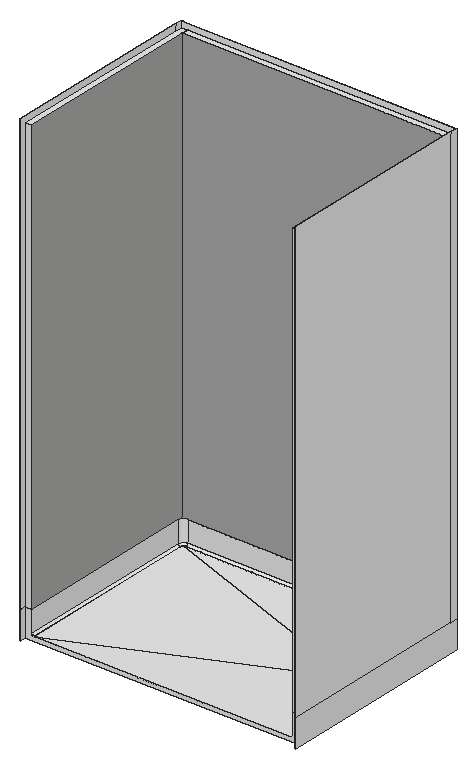
Revit family "4LBS4834FBE75T,FBE2T,FBE75B,FBE2B", category Plumbing Fixtures, Revit 2017
Family settings
  Round Connector Dimension = Use Diameter
  Part Type = Normal
  OmniClass Number = 23.45.05.14.17
  OmniClass Title = Showers
  Work Plane-Based = No
  Always vertical = Yes
  Cut with Voids When Loaded = No
  Shared = No
  Room Calculation Point = No
Parameters (values of type "4LBS4834FBE75T")
  Unit Width = 48"
  Unit Height [instance] = 81 1/4"
  Unit Depth = 35"
  URL = "http://www.bestbath.com/"
  Type Comments = "Barrier Free"
  Threshold Height = 3/4"
  Model = "4LBS4834FBE75T"
  Material [instance] = Best Bath Gelcoat Fiberglass - 4 x 8 Subway Tile
  Manufacturer = "Best Bath Systems, Inc."
  Keynote = "22 40 00.B3"
  Description = "4 x 8 Subway Tile, Traditional Bull Nose Threshold"
  Assembly Code = "D2010710"
Types (5): name | Unit Height | Threshold Height | Model | Description
  (no name) | 81 1/4" | 3/4" | "4LBS4834FBE75T" | "4 x 8 Subway Tile, Traditional Bull Nose Threshold"
  4LBS4834FBE75B | 81 1/4" | 3/4" | "4LBS4834FBE75B" | "4 x 8 Subway Tile, Beveled Threshold"
  4LBS4834FBE2B | 82 1/2" | 2" | "4LBS4834FBE2B" | "4 x 8 Subway Tile, Beveled Threshold"
  4LBS4834FBE75T | 81 1/4" | 3/4" | "4LBS4834FBE75T" | "4 x 8 Subway Tile, Traditional Bull Nose Threshold"
  4LBS4834FBE2T | 82 1/2" | 2" | "4LBS4834FBE2T" | "4 x 8 Subway Tile, Traditional Bull Nose Threshold"
Reference planes (in)
  plane 1 "Back": y = 2
  plane 2: z = 0
  plane 3 "Left": x = 0
  plane 4: x = 48
  plane 5: y = -32
  plane 6: z = 80.25
  plane 7: z = 0.75
  plane 8: z = 81.25
  plane 9: x = 42
  plane 10: y = 0.75
  plane 11: y = -13.75
  plane 12: z = 0.375
  plane 13: z = 4.75
  plane 14: y = -33
Forms (in)
  Extrusion 1, solid, material "Best Bath Smoothwall"
    sketch origin (0, 0, 0) x (1, 0, 0) y (0, 1, 0)
      loop
        line (0, 2) -> (0, -32) -> (48, -32) -> (48, 2) -> (0, 2)
      loop
        circle (42, -13.75) r 2.0625
    from 0 to 0.75
  Extrusion 2, solid, material "Best Bath Smoothwall"
    sketch origin (0, 0, 0) x (1, 0, 0) y (0, 1, 0)
      loop
        line (1.25, 2) -> (1.25, 0.75) -> (46.75, 0.75) -> (46.75, 2) -> (1.25, 2)
    from 4.75 to 80.25
  Extrusion 3, solid, material "Best Bath Smoothwall"
    sketch origin (0, 0, 0) x (1, 0, 0) y (0, 1, 0)
      loop
        line (0, -32) -> (1.25, -32) -> (1.25, -0.25)
        arc (1.25, -0.25) -> (1.54289, 0.45711) -> (2.25, 0.75) r 1
        line (2.25, 0.75) -> (45.75, 0.75)
        arc (45.75, 0.75) -> (46.45711, 0.45711) -> (46.75, -0.25) r 1
        line (46.75, -0.25) -> (46.75, -32) -> (48, -32) -> (48, 2) -> (0, 2) -> (0, -32)
    from 0 to 4.75
  Extrusion 4, solid, material "Best Bath Smoothwall"
    sketch origin (0, 0, 0) x (1, 0, 0) y (0, 1, 0)
      loop
        line (0, -32) -> (1.25, -32) -> (1.25, 1.875) -> (0.125, 1.875) -> (0.125, 0.75) -> (0, 0.75) -> (0, -32)
      loop
        line (48, -32) -> (48, 0.75) -> (47.875, 0.75) -> (47.875, 1.875) -> (46.75, 1.875) -> (46.75, -32) -> (48, -32)
    from 4.75 to 80.25
  Sweep 5, solid, material "Best Bath Smoothwall"
    path origin (0, 0, 0) x (1, 0, 0) y (0, 1, 0)
      loop
        line (1.25, -32) -> (1.25, -0.25)
        arc (1.25, -0.25) -> (1.54289, 0.45711) -> (2.25, 0.75) r 1
        line (2.25, 0.75) -> (45.75, 0.75)
        arc (45.75, 0.75) -> (46.45711, 0.45711) -> (46.75, -0.25) r 1
        line (46.75, -0.25) -> (46.75, -32)
    profile origin (1.25, -16.125, 0) x (-1, 0, 0) y (0, 0, 1)
      loop
        line (0, 0.75) -> (0, 1.125)
        arc (0, 1.125) -> (-0.10983, 0.85983) -> (-0.375, 0.75) r 0.375
        line (-0.375, 0.75) -> (0, 0.75)
  Extrusion 6, solid, material "Best Bath Smoothwall"
    sketch origin (0, 0, 0) x (1, 0, 0) y (0, 1, 0)
      loop
        line (0, -33) -> (0.125, -33) -> (0.125, 0.75) -> (0, 0.75) -> (0, -33)
      loop
        line (48, -33) -> (48, 0.75) -> (47.875, 0.75) -> (47.875, -33) -> (48, -33)
    from 4.75 to 81.25
  Extrusion 7, solid, material "Best Bath Smoothwall"
    sketch origin (0, 0, 0) x (1, 0, 0) y (0, 1, 0)
      loop
        line (0, -33) -> (0.125, -33) -> (0.125, -32) -> (0, -32) -> (0, -33)
      loop
        line (48, -32) -> (47.875, -32) -> (47.875, -33) -> (48, -33) -> (48, -32)
    from 0 to 4.75
  Extrusion 8, solid, material "Best Bath Smoothwall"
    sketch origin (0, 0, 0) x (1, 0, 0) y (0, 1, 0)
      loop
        line (0, 2) -> (0, 0.75) -> (0.125, 0.75) -> (0.125, 1.875) -> (47.875, 1.875) -> (47.875, 0.75) -> (48, 0.75) -> (48, 2) -> (0, 2)
    from 4.75 to 81.25
  Blend 9, void
    base sketch origin (0, 0, 0) x (1, 0, 0) y (0, 1, 0)
      loop
        line (1.75, 0.30003) -> (1.75, -32) -> (46.32567, -32) -> (46.32567, 0.30003) -> (1.75, 0.30003)
    top sketch origin (0, 0, 0) x (1, 0, 0) y (0, 1, 0)
      loop
        circle (42, -13.75) r 0.03297
    from 0.75 to 0.375
Cuts and joins
  Blend 9 cuts Extrusion 1
  Blend 9 cuts Extrusion 3
  Blend 9 cuts Sweep 5
  Blend 9 cuts Extrusion 7
  joined: Extrusion 1, Extrusion 3, Sweep 5, Extrusion 7
  joined: Extrusion 2, Extrusion 8
  joined: Extrusion 4, Extrusion 6
Dimensions and locks (in)
  "Unit Width": plane 3 "Left" to plane 4
  "Threshold Height": plane 7 to level
  locked: plane 8 to plane 6 at 1
  plane 3 "Left" to plane 9 to plane 4 = 42", 6"
  locked: plane 10 to plane 1 "Back" at 1.25
  locked: plane 7 to plane 12 at 0.375
  locked: plane 5 to plane 14 at 1
  "Unit Depth": plane 14 to plane 1 "Back"
  locked: plane 6 to plane 7 at 79.5
  locked: plane 13 to plane 7 at 4
  "Unit Height": plane 8 to level
  locked: plane 1 "Back" to plane 11 at 15.75
  aligned and locked: level to plane 2
  aligned and locked: Extrusion 1 to plane 7
  aligned and locked: plane 5 to Extrusion 1 sketch curve
  aligned and locked: plane 4 to Extrusion 1 sketch curve
  aligned and locked: Extrusion 2 sketch curve to Extrusion 1
  aligned and locked: Extrusion 2 sketch curve to plane 10
  aligned and locked: plane 11 to Extrusion 1 sketch curve
  aligned and locked: plane 9 to Extrusion 1 sketch curve
  aligned and locked: plane 13 to Extrusion 3
  aligned and locked: Extrusion 2 to plane 13
  aligned and locked: plane 6 to Extrusion 2
  aligned and locked: Extrusion 4 to Extrusion 2
  aligned and locked: plane 6 to Extrusion 4
  aligned and locked: Sweep 5 sketch curve to plane 7
  aligned and locked: Extrusion 6 to plane 13
  aligned and locked: plane 8 to Extrusion 6
  aligned and locked: plane 13 to Extrusion 7
  aligned and locked: plane 8 to Extrusion 8
  aligned and locked: plane 11 to Blend 9 sketch curve
  aligned and locked: plane 9 to Blend 9 sketch curve
  aligned and locked: Extrusion 1 to Blend 9
  aligned and locked: Blend 9 to plane 12
  aligned and locked: Extrusion 8 to Extrusion 2
Automatic sketch dimensions
  Extrusion 1 sketch curve to plane 3 "Left" = 0"
  plane 1 "Back" to Extrusion 1 sketch curve = 0"
  plane 1 "Back" to Extrusion 3 sketch curve = 0"
  Extrusion 3 sketch curve to plane 3 "Left" = 0"
  Extrusion 3 sketch curve to plane 5 = 0"  (x2)
  Extrusion 3 sketch curve to plane 10 = 0"
  Extrusion 3 sketch curve to plane 4 = 0"
  plane 4 to Extrusion 3 sketch curve = 1 1/4"
  Extrusion 3 sketch curve to plane 10 = 1"
  plane 3 "Left" to Extrusion 3 sketch curve = 1 1/4"
  Extrusion 3 sketch curve to Extrusion 3 sketch curve = 1"
  Sweep 5 sketch curve to plane 5 = 0"  (x2)
  Sweep 5 sketch curve to plane 10 = 0"
  plane 3 "Left" to Sweep 5 sketch curve = 1 1/4"
  Sweep 5 sketch curve to Sweep 5 sketch curve = 1"
  Sweep 5 sketch curve to plane 10 = 1"
  plane 4 to Sweep 5 sketch curve = 2 1/4"
  Sweep 5 sketch curve to profile plane = 0"
  profile plane to Sweep 5 sketch curve = 3/8"
  plane 4 to Extrusion 2 sketch curve = 1 1/4"
  plane 3 "Left" to Extrusion 2 sketch curve = 1 1/4"
  Extrusion 7 sketch curve to plane 3 "Left" = 0"
  Extrusion 7 sketch curve to plane 5 = 0"  (x2)
  Extrusion 7 sketch curve to plane 14 = 0"  (x2)
  Extrusion 7 sketch curve to plane 4 = 0"
  plane 3 "Left" to Extrusion 7 sketch curve = 1/8"
  Extrusion 7 sketch curve to Extrusion 7 sketch curve = 1/8"
  Blend 9 sketch curve to plane 5 = 0"
  plane 3 "Left" to Blend 9 sketch curve = 1 3/4"
  plane 4 to Blend 9 sketch curve = 1.67433"
  Blend 9 sketch curve to plane 10 = 0.44997"
  Extrusion 6 sketch curve to plane 3 "Left" = 0"
  Extrusion 6 sketch curve to plane 14 = 0"  (x2)
  Extrusion 6 sketch curve to plane 10 = 0"  (x2)
  Extrusion 6 sketch curve to plane 4 = 0"
  plane 3 "Left" to Extrusion 6 sketch curve = 1/8"
  plane 4 to Extrusion 6 sketch curve = 1/8"
  Extrusion 8 sketch curve to plane 3 "Left" = 0"
  Extrusion 8 sketch curve to plane 10 = 0"  (x2)
  plane 1 "Back" to Extrusion 8 sketch curve = 0"
  Extrusion 8 sketch curve to plane 4 = 0"
  plane 3 "Left" to Extrusion 8 sketch curve = 1/8"
  plane 4 to Extrusion 8 sketch curve = 1/8"
  plane 1 "Back" to Extrusion 8 sketch curve = 1/8"
  Extrusion 4 sketch curve to plane 3 "Left" = 0"
  Extrusion 4 sketch curve to plane 10 = 0"  (x2)
  Extrusion 4 sketch curve to plane 5 = 0"  (x2)
  Extrusion 4 sketch curve to plane 4 = 0"
  plane 3 "Left" to Extrusion 4 sketch curve = 1/8"
  plane 1 "Back" to Extrusion 4 sketch curve = 1/8"  (x2)
  plane 4 to Extrusion 4 sketch curve = 1 1/4"
  plane 4 to Extrusion 4 sketch curve = 1/8"
  plane 3 "Left" to Extrusion 4 sketch curve = 1 1/4"
  radius of Extrusion 1 sketch curve = 2 1/16"
  radius of Blend 9 sketch curve = 0.03297"
